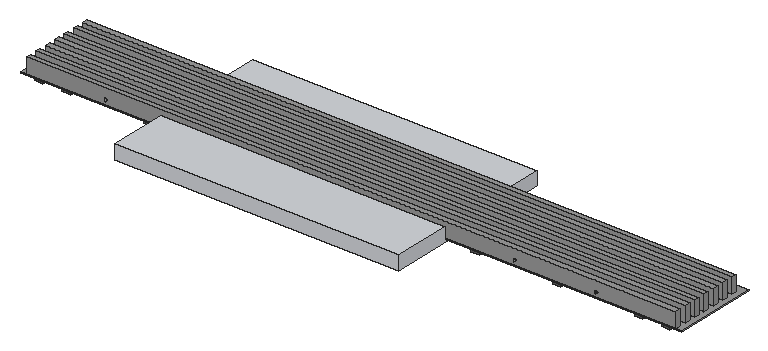
Revit family "1413-7, Solid", category Generic Models, host Face, Revit 2020
Family settings
  Host = Face
  Can host rebar = No
  Round Connector Dimension = Use Diameter
  Part Type = Normal
  Cut with Voids When Loaded = No
  Shared = No
  Room Calculation Point = No
Parameters
  min_value [instance] = 2' - 4"  # constant formula
  max_value [instance] = 11' - 11 1/4"  # constant formula
  actual_value [instance] = if(NET LENGTH < min_value, min_value, if(NET LENGTH > max_value, max_value, NET LENGTH))  # 7' - 11 1/4"
  SCRIM MATERIAL [instance] = SCRIM
  SCRIM APPEARANCE [instance] = yes
  NET LENGTH [instance] = 7' - 11 1/4"
  IMPORTANT NOTE!!!                                                                             *Backer & dowel layout is for visualization purposes only, final layout to be determined by 9Wood. [instance] = ""
  Default Elevation = 4' - 0"
  DOWEL RADIUS [instance] = 0' - 0 1/4"  # constant formula
  BACKER & DOWEL MATERIAL [instance] = BLACK-BACKERS
  .. MEMBER WIDTH [instance] = 0' - 0 3/4"  # constant formula
  .. MEMBER MATERIAL [instance] = Solid Western Hemlock
  .. MEMBER DEPTH [instance] = 0' - 2 1/4"  # constant formula
  .. MEMBER COUNT [instance] = 7  # constant formula
Reference planes (in)
  plane 1 "Center (Front/Back)": y = 0
  plane 2: z = 0
  plane 3 "Center (Left/Right)": x = 0
Forms (in)
  Extrusion 1, solid
    sketch origin (0, 0, 0) x (1, 0, 0) y (0, 1, 0)
      loop
        line (-24.24823, 14.63962) -> (-24.24823, -10.69266) -> (17.36192, -10.69266) -> (17.36192, 14.63962) -> (-24.24823, 14.63962)
    from 0 to 2.0625
Dimensions and locks (in)
  aligned and locked: plane 2 to Extrusion 1
Nested families (in)
  nested 1: "1400 series" at (-44.01308, -2.1224, 0.00189), NET LENGTH <- "actual_value", .. MEMBER DEPTH <- ".. MEMBER DEPTH", .. MEMBER WIDTH <- ".. MEMBER WIDTH", DOWEL RADIUS <- "DOWEL RADIUS", BACKER & DOWEL MATERIAL <- "BACKER & DOWEL MATERIAL", .. MEMBER MATERIAL <- ".. MEMBER MATERIAL", SCRIM MATERIAL <- "SCRIM MATERIAL", MEMBER COUNT <- ".. MEMBER COUNT", SCRIM APPEARANCE <- "SCRIM APPEARANCE", type "1400 series"
    with X 7' - 8", SCRIM MATERIAL SCRIM, SCRIM LENGTH 8' - 1", SCRIM APPEARANCE yes, SCRIM 2 0' - 0 7/8", SCRIM 1 0' - 0 3/32", OC TYP 1' - 0", NET LENGTH 7' - 11 1/4", N 8, MEMBER COUNT 7, INSET 2 0' - 0 3/16", INSET 0' - 1", HALF MEMBER WIDTH 0' - 0 3/8", END BACKER yes, DOWEL RADIUS 0' - 0 1/4", DOWEL INDEX 0' - 11 5/8", DOWEL COUNT 7, BACKING M COUNT 8, BACKER WIDTH 0' - 1 1/4", BACKER INDEX 0' - 5 5/8", BACKER DEPTH 0' - 0 1/2", BACKER & DOWEL MATERIAL BLACK-BACKERS, BACKER &  DOWEL LENGTH 0' - 11 7/8", .. MEMBER WIDTH 0' - 0 3/4", .. MEMBER OC TYP 0' - 1.71429", .. MEMBER MATERIAL Solid Western Hemlock, .. MEMBER DEPTH 0' - 2 1/4"
Definition of nested family "1400 series"
  Parameters (values of type "1400 series")
    X [instance] = NET LENGTH - 0' 3 1/4"  # 7' - 2"
    SCRIM MATERIAL [instance] = none
    SCRIM APPEARANCE [instance] = yes
    SCRIM 2 [instance] = 0' - 0 7/8"  # constant formula
    SCRIM 1 [instance] = 0' - 0 3/32"  # constant formula
    OC TYP [instance] = 1' - 0"  # constant formula
    N [instance] = if((X - (rounddown(X / 1' 0") * 1' 0")) > 1' 0", rounddown(X / 1' 0") + 2, rounddown(X / 1' 0") + 1)  # 8
    MEMBER COUNT [instance] = 2
    INSET 5 = 0' - 0 11/16"  # constant formula
    INSET 2 [instance] = 0' - 0 3/16"  # constant formula
    INSET [instance] = 0' - 1"  # constant formula
    END BACKER [instance] = BACKER INDEX > 0' 3 5/8"  # no
    HALF MEMBER WIDTH [instance] = .. MEMBER WIDTH / 2  # 0' - 1 1/8"
    Default Elevation = 0' - 0"
    DOWEL RADIUS [instance] = 0' - 0 1/4"
    DOWEL INDEX [instance] = BACKER INDEX + 0' 6"  # 0' - 8 5/8"
    DOWEL COUNT [instance] = N - 1  # 7
    BACKER WIDTH [instance] = 0' - 1 1/4"  # constant formula
    BACKER INDEX [instance] = (NET LENGTH - ((N - 1) * 1' 0")) / 2  # 0' - 2 5/8"
    BACKER DEPTH [instance] = 0' - 0 1/2"  # constant formula
    BACKING M COUNT [instance] = N  # 8
    BACKER & DOWEL MATERIAL [instance] = none
    BACKER &  DOWEL LENGTH [instance] = 0' - 11 7/8"  # constant formula
    SCRIM LENGTH [instance] = NET LENGTH + (SCRIM 2 * 2)  # 7' - 7"
    .. MEMBER WIDTH [instance] = 0' - 2 1/4"
    .. MEMBER OC TYP [instance] = 1' 0" / MEMBER COUNT  # 0' - 6"
    .. MEMBER MATERIAL [instance] = none
    NET LENGTH [instance] = 7' - 5 1/4"
    .. MEMBER DEPTH [instance] = 0' - 4"
  Reference planes (in)
    plane 1 "Center (Front/Back)": y = 0
    plane 2: z = 0
    plane 3 "Center (Left/Right)": x = 0
    plane 4: x = 89.25
    plane 5: x = 1
    plane 6: x = 88.25
    plane 7: x = 2.625
    plane 8: x = 8.625
    plane 9: x = 14.625
    plane 10: x = 20.625
    plane 11: y = 0.1875
    plane 12: y = 1.125
    plane 13: y = 7.125
    plane 14: y = 12.0625
    plane 15: x = 90.125
    plane 16: x = -0.875
    plane 17: y = 12.15625
    plane 18: y = -0.09375
    plane 19: z = 2.7097
    plane 20: z = 0.49811
    plane 21: z = 0.56061
    plane 22: z = 1.24811
  Lines and regions (in)
    model lines, not visible
      curve 1: line (8.625, 0, 0.99811) -> (8.625, 0, 1.49811)
      curve 2: line (8.625, 0, 1.49811) -> (8.375, 0, 1.24811)
      curve 3: line (8.375, 0, 1.24811) -> (8.875, 0, 1.24811)
      curve 4: line (20.625, 0, 0.99811) -> (20.625, 0, 1.49811)
      curve 5: line (20.625, 0, 1.49811) -> (20.375, 0, 1.24811)
      curve 6: line (20.375, 0, 1.24811) -> (20.875, 0, 1.24811)
      curve 7: line (32.625, 0, 0.99811) -> (32.625, 0, 1.49811)
      curve 8: line (32.625, 0, 1.49811) -> (32.375, 0, 1.24811)
      curve 9: line (32.375, 0, 1.24811) -> (32.875, 0, 1.24811)
      curve 10: line (44.625, 0, 0.99811) -> (44.625, 0, 1.49811)
      curve 11: line (44.625, 0, 1.49811) -> (44.375, 0, 1.24811)
      curve 12: line (44.375, 0, 1.24811) -> (44.875, 0, 1.24811)
      curve 13: line (56.625, 0, 0.99811) -> (56.625, 0, 1.49811)
      curve 14: line (56.625, 0, 1.49811) -> (56.375, 0, 1.24811)
      curve 15: line (56.375, 0, 1.24811) -> (56.875, 0, 1.24811)
      curve 16: line (68.625, 0, 0.99811) -> (68.625, 0, 1.49811)
      curve 17: line (68.625, 0, 1.49811) -> (68.375, 0, 1.24811)
      curve 18: line (68.375, 0, 1.24811) -> (68.875, 0, 1.24811)
      curve 19: line (80.625, 0, 0.99811) -> (80.625, 0, 1.49811)
      curve 20: line (80.625, 0, 1.49811) -> (80.375, 0, 1.24811)
      curve 21: line (80.375, 0, 1.24811) -> (80.875, 0, 1.24811)
  Dimensions and locks (in)
    "INSET": plane 3 "Center (Left/Right)" to plane 5
    "NET LENGTH": plane 3 "Center (Left/Right)" to plane 4
    "INSET": plane 6 to plane 4
    "BACKER INDEX": plane 3 "Center (Left/Right)" to plane 7
    "DOWEL INDEX": plane 3 "Center (Left/Right)" to plane 8
    "OC TYP": plane 7 to plane 9
    "OC TYP": plane 8 to plane 10
    "INSET 2": plane 1 "Center (Front/Back)" to plane 11
    equal spacing: group 1, group 2, group 5, group 6, group 7, group 13, group 14, group 16  (x3)
    equal spacing: group 3, group 4, group 8, group 9, group 10, group 15, group 17  (x3)
    group 11 to group 12 = 0' - 0"  (x2)
    group 11 to group 12 = 0' - 6"
    ".. MEMBER OC TYP": plane 13 to plane 12
    "HALF MEMBER WIDTH": plane 1 "Center (Front/Back)" to plane 12
    "SCRIM 2": plane 16 to plane 3 "Center (Left/Right)"
    "SCRIM 2": plane 4 to plane 15
    "SCRIM 1": plane 18 to plane 1 "Center (Front/Back)"
    "SCRIM 1": plane 17 to plane 14
    "INSET 5": plane 22 to plane 21
    aligned and locked: level to plane 2
    aligned and locked: plane 7 to nested 2
    aligned and locked: plane 5 to nested 1
    aligned and locked: plane 9 to nested 3
    aligned and locked: nested 1 to plane 5
    aligned and locked: nested 2 to plane 11
    aligned and locked: nested 1 to plane 11
    aligned and locked: nested 3 to plane 11
    aligned and locked: nested 4 to plane 11  (x2)
    aligned and locked: plane 10 to nested 5
    aligned and locked: plane 6 to nested 12
    aligned and locked: nested 5 to plane 11
    aligned and locked: plane 11 to nested 12
    aligned and locked: plane 12 to nested 13
    aligned and locked: nested 14 to plane 13
    aligned and locked: plane 14 to nested 8
    aligned and locked: plane 16 to nested 15
    aligned and locked: nested 15 to plane 18
    aligned and locked: nested 15 to plane 17
    aligned and locked: nested 15 to plane 16  (x2)
    aligned and locked: nested 1 to level
    aligned and locked: level to nested 3
    aligned and locked: plane 20 to nested 2
    aligned and locked: plane 20 to nested 1
    aligned and locked: plane 20 to nested 3
    aligned and locked: nested 12 to plane 20
    aligned and locked: nested 15 to plane 20
    aligned and locked: plane 21 to nested 15
    aligned and locked: nested 13 to plane 21
    aligned and locked: plane 22 to nested 4
    aligned and locked: plane 22 to nested 5
    aligned and locked: nested 13 to plane 8
    aligned and locked: plane 10 to nested 13
    aligned and locked: curve 1 to nested 13
    aligned and locked: nested 13 to curve 4
  Automatic sketch dimensions
    curve 3 to curve 1 = 0' - 0 1/4"  (x2)
    curve 1 to curve 3 = 0' - 0 1/4"
    curve 1 to curve 2 = 0' - 0 1/4"
    curve 6 to curve 4 = 0' - 0 1/4"  (x2)
    curve 4 to curve 6 = 0' - 0 1/4"
    curve 4 to curve 5 = 0' - 0 1/4"
    curve 9 to curve 7 = 0' - 0 1/4"  (x2)
    curve 7 to curve 9 = 0' - 0 1/4"
    curve 7 to curve 8 = 0' - 0 1/4"
    curve 12 to curve 10 = 0' - 0 1/4"  (x2)
    curve 10 to curve 12 = 0' - 0 1/4"
    curve 10 to curve 11 = 0' - 0 1/4"
    curve 15 to curve 13 = 0' - 0 1/4"  (x2)
    curve 13 to curve 15 = 0' - 0 1/4"
    curve 13 to curve 14 = 0' - 0 1/4"
    curve 18 to curve 16 = 0' - 0 1/4"  (x2)
    curve 16 to curve 18 = 0' - 0 1/4"
    curve 16 to curve 17 = 0' - 0 1/4"
    curve 21 to curve 19 = 0' - 0 1/4"  (x2)
    curve 19 to curve 21 = 0' - 0 1/4"
    curve 19 to curve 20 = 0' - 0 1/4"
  Nested families (in)
    nested 1: "INSTANCE - 3RD -  EXTEND BOTH SIDES - Parametric Cube.0001" at (1, 0.1875, 0.49811), Length <- "BACKER &  DOWEL LENGTH", Width <- "BACKER WIDTH", Height <- "BACKER DEPTH", Material <- "BACKER & DOWEL MATERIAL", visible <- "END BACKER", type "INSTANCE - 3RD -  EXTEND BOTH SIDES - Parametric Cube.0001"
      with Width 0' - 1 1/4", Material none, Length 0' - 11 7/8", Height 0' - 0 1/2"
    nested 2: "INSTANCE - 2ND -  EXTEND SIDE H CENTER W - Parametric Cube.0001" at (2.625, 0.1875, 0.49811), Width <- "BACKER WIDTH", Length <- "BACKER &  DOWEL LENGTH", Height <- "BACKER DEPTH", Material <- "BACKER & DOWEL MATERIAL", type "INSTANCE - 2ND -  EXTEND SIDE H CENTER W - Parametric Cube.0001"
      with Width 0' - 1 1/4", Material none, Length 0' - 11 7/8", Height 0' - 0 1/2"
    nested 3: "INSTANCE - 2ND -  EXTEND SIDE H CENTER W - Parametric Cube.0001" at (14.625, 0.1875, 0.49811), Width <- "BACKER WIDTH", Length <- "BACKER &  DOWEL LENGTH", Height <- "BACKER DEPTH", Material <- "BACKER & DOWEL MATERIAL", type "INSTANCE - 2ND -  EXTEND SIDE H CENTER W - Parametric Cube.0001"
      with Width 0' - 1 1/4", Material none, Length 0' - 11 7/8", Height 0' - 0 1/2"
    nested 4: "DOWEL" at (-1.375, 0.1875, 1.24811), DOWEL LENGTH <- "BACKER &  DOWEL LENGTH", DOWEL RADII <- "DOWEL RADIUS", BACKING MEM MATERIAL <- "BACKER & DOWEL MATERIAL", type "DOWEL"
      with DOWEL RADII 0' - 0 1/4", DOWEL LENGTH 0' - 11 7/8", BACKING MEM MATERIAL none
    nested 5: "DOWEL" at (10.625, 0.1875, 1.24811), DOWEL LENGTH <- "BACKER &  DOWEL LENGTH", DOWEL RADII <- "DOWEL RADIUS", BACKING MEM MATERIAL <- "BACKER & DOWEL MATERIAL", type "DOWEL"
      with DOWEL RADII 0' - 0 1/4", DOWEL LENGTH 0' - 11 7/8", BACKING MEM MATERIAL none
    nested 6: "INSTANCE - 2ND -  EXTEND SIDE H CENTER W - Parametric Cube.0001" at (26.625, 0.1875, 0.49811), Width <- "BACKER WIDTH", Length <- "BACKER &  DOWEL LENGTH", Height <- "BACKER DEPTH", Material <- "BACKER & DOWEL MATERIAL", type "INSTANCE - 2ND -  EXTEND SIDE H CENTER W - Parametric Cube.0001"
      with Width 0' - 1 1/4", Material none, Length 0' - 11 7/8", Height 0' - 0 1/2"
    nested 7: "INSTANCE - 2ND -  EXTEND SIDE H CENTER W - Parametric Cube.0001" at (38.625, 0.1875, 0.49811), Width <- "BACKER WIDTH", Length <- "BACKER &  DOWEL LENGTH", Height <- "BACKER DEPTH", Material <- "BACKER & DOWEL MATERIAL", type "INSTANCE - 2ND -  EXTEND SIDE H CENTER W - Parametric Cube.0001"
      with Width 0' - 1 1/4", Material none, Length 0' - 11 7/8", Height 0' - 0 1/2"
    nested 8: "INSTANCE - 2ND -  EXTEND SIDE H CENTER W - Parametric Cube.0001" at (50.625, 0.1875, 0.49811), Width <- "BACKER WIDTH", Length <- "BACKER &  DOWEL LENGTH", Height <- "BACKER DEPTH", Material <- "BACKER & DOWEL MATERIAL", type "INSTANCE - 2ND -  EXTEND SIDE H CENTER W - Parametric Cube.0001"
      with Width 0' - 1 1/4", Material none, Length 0' - 11 7/8", Height 0' - 0 1/2"
    nested 9: "DOWEL" at (22.625, 0.1875, 1.24811), DOWEL LENGTH <- "BACKER &  DOWEL LENGTH", DOWEL RADII <- "DOWEL RADIUS", BACKING MEM MATERIAL <- "BACKER & DOWEL MATERIAL", type "DOWEL"
      with DOWEL RADII 0' - 0 1/4", DOWEL LENGTH 0' - 11 7/8", BACKING MEM MATERIAL none
    nested 10: "DOWEL" at (34.625, 0.1875, 1.24811), DOWEL LENGTH <- "BACKER &  DOWEL LENGTH", DOWEL RADII <- "DOWEL RADIUS", BACKING MEM MATERIAL <- "BACKER & DOWEL MATERIAL", type "DOWEL"
      with DOWEL RADII 0' - 0 1/4", DOWEL LENGTH 0' - 11 7/8", BACKING MEM MATERIAL none
    nested 11: "DOWEL" at (46.625, 0.1875, 1.24811), DOWEL LENGTH <- "BACKER &  DOWEL LENGTH", DOWEL RADII <- "DOWEL RADIUS", BACKING MEM MATERIAL <- "BACKER & DOWEL MATERIAL", type "DOWEL"
      with DOWEL RADII 0' - 0 1/4", DOWEL LENGTH 0' - 11 7/8", BACKING MEM MATERIAL none
    nested 12: "INSTANCE - 3RD -  EXTEND BOTH SIDES - Parametric Cube.0001" at (88.25, 0.1875, 0.49811) x (-1, 0, 0) z (0, 0, 1), Width <- "BACKER WIDTH", Length <- "BACKER &  DOWEL LENGTH", Height <- "BACKER DEPTH", Material <- "BACKER & DOWEL MATERIAL", visible <- "END BACKER", type "INSTANCE - 3RD -  EXTEND BOTH SIDES - Parametric Cube.0001"
      with Width 0' - 1 1/4", Material none, Length 0' - 11 7/8", Height 0' - 0 1/2"
    nested 13: "HOLED MEMBER" at (0, -9.75, 8.12965), DOWEL INDEX <- "DOWEL INDEX", .. MEMBER LENGTH <- "NET LENGTH", .. MEMBER WIDTH <- ".. MEMBER WIDTH", DOWEL OC DIST <- "OC TYP", DOWEL RADII <- "DOWEL RADIUS", Material <- ".. MEMBER MATERIAL", DEPTH <- ".. MEMBER DEPTH", DOWEL COUNT <- "DOWEL COUNT", Space <- "INSET 5", type "HOLED MEMBER"
      with Space 0' - 0 11/16", Material none, Height 0' - 10.43096", HALF MEMBER WIDTH 0' - 1 1/8", DOWEL RADII 0' - 0 1/4", DOWEL OC DIST 1' - 0", DOWEL INDEX 0' - 8 5/8", DOWEL COUNT 7, DEPTH 0' - 4", .. MEMBER WIDTH 0' - 2 1/4", .. MEMBER LENGTH 7' - 5 1/4"
    nested 14: "HOLED MEMBER" at (0, -3.75, 8.12965), DOWEL INDEX <- "DOWEL INDEX", .. MEMBER LENGTH <- "NET LENGTH", .. MEMBER WIDTH <- ".. MEMBER WIDTH", DOWEL OC DIST <- "OC TYP", DOWEL RADII <- "DOWEL RADIUS", Material <- ".. MEMBER MATERIAL", DEPTH <- ".. MEMBER DEPTH", DOWEL COUNT <- "DOWEL COUNT", Space <- "INSET 5", type "HOLED MEMBER"
      with Space 0' - 0 11/16", Material none, Height 0' - 10.43096", HALF MEMBER WIDTH 0' - 1 1/8", DOWEL RADII 0' - 0 1/4", DOWEL OC DIST 1' - 0", DOWEL INDEX 0' - 8 5/8", DOWEL COUNT 7, DEPTH 0' - 4", .. MEMBER WIDTH 0' - 2 1/4", .. MEMBER LENGTH 7' - 5 1/4"
    nested 15: "INSTANCE - 3RD -  EXTEND BOTH SIDES - Parametric Cube.0001" at (-0.875, -0.09375, 0.56061), Width <- "SCRIM LENGTH", Material <- "SCRIM MATERIAL", visible <- "SCRIM APPEARANCE", type "INSTANCE - 3RD -  EXTEND BOTH SIDES - Parametric Cube.0001"
      with Width 7' - 7", Material none, Length 1' - 0 1/4", Height 0' - 0 1/16"
    nested 16: "INSTANCE - 2ND -  EXTEND SIDE H CENTER W - Parametric Cube.0001" at (62.625, 0.1875, 0.49811), Width <- "BACKER WIDTH", Length <- "BACKER &  DOWEL LENGTH", Height <- "BACKER DEPTH", Material <- "BACKER & DOWEL MATERIAL", type "INSTANCE - 2ND -  EXTEND SIDE H CENTER W - Parametric Cube.0001"
      with Width 0' - 1 1/4", Material none, Length 0' - 11 7/8", Height 0' - 0 1/2"
    nested 17: "INSTANCE - 2ND -  EXTEND SIDE H CENTER W - Parametric Cube.0001" at (74.625, 0.1875, 0.49811), Width <- "BACKER WIDTH", Length <- "BACKER &  DOWEL LENGTH", Height <- "BACKER DEPTH", Material <- "BACKER & DOWEL MATERIAL", type "INSTANCE - 2ND -  EXTEND SIDE H CENTER W - Parametric Cube.0001"
      with Width 0' - 1 1/4", Material none, Length 0' - 11 7/8", Height 0' - 0 1/2"
    nested 18: "DOWEL" at (58.625, 0.1875, 1.24811), DOWEL LENGTH <- "BACKER &  DOWEL LENGTH", DOWEL RADII <- "DOWEL RADIUS", BACKING MEM MATERIAL <- "BACKER & DOWEL MATERIAL", type "DOWEL"
      with DOWEL RADII 0' - 0 1/4", DOWEL LENGTH 0' - 11 7/8", BACKING MEM MATERIAL none
    nested 19: "INSTANCE - 2ND -  EXTEND SIDE H CENTER W - Parametric Cube.0001" at (86.625, 0.1875, 0.49811), Width <- "BACKER WIDTH", Length <- "BACKER &  DOWEL LENGTH", Height <- "BACKER DEPTH", Material <- "BACKER & DOWEL MATERIAL", type "INSTANCE - 2ND -  EXTEND SIDE H CENTER W - Parametric Cube.0001"
      with Width 0' - 1 1/4", Material none, Length 0' - 11 7/8", Height 0' - 0 1/2"
    nested 20: "DOWEL" at (70.625, 0.1875, 1.24811), DOWEL LENGTH <- "BACKER &  DOWEL LENGTH", DOWEL RADII <- "DOWEL RADIUS", BACKING MEM MATERIAL <- "BACKER & DOWEL MATERIAL", type "DOWEL"
      with DOWEL RADII 0' - 0 1/4", DOWEL LENGTH 0' - 11 7/8", BACKING MEM MATERIAL none
  Definition of nested family "INSTANCE - 3RD -  EXTEND BOTH SIDES - Parametric Cube.0001"
    Parameters (values of type "INSTANCE - 3RD -  EXTEND BOTH SIDES - Parametric Cube.0001")
      Width [instance] = 0' - 6"
      Material [instance] = none
      Length [instance] = 1' - 0"
      Height [instance] = 1' - 6"
      Default Elevation = 0' - 0"
    Reference planes (in)
      plane 1 "Center (Front/Back)": y = 0
      plane 2: z = 0
      plane 3 "Center (Left/Right)": x = 0
      plane 4: x = 6
      plane 5: y = 12
      plane 6: z = -18
    Forms (in)
      Extrusion 1, solid, material <- "Material"
        sketch origin (0, 6, 0) x (1, 0, 0) y (0, 1, 0)
          loop
            line (0, 6) -> (0, -6) -> (6, -6) -> (6, 6) -> (0, 6)
        from -18 to 0
    Dimensions and locks (in)
      "Height": plane 6 to level
      "Length": plane 1 "Center (Front/Back)" to plane 5
      "Width": plane 3 "Center (Left/Right)" to plane 4
      aligned and locked: plane 2 to level
      aligned and locked: Extrusion 1 sketch curve to plane 4
      aligned and locked: Extrusion 1 to plane 6
      aligned and locked: plane 5 to Extrusion 1
      aligned and locked: Extrusion 1 to plane 3 "Center (Left/Right)"
    Automatic sketch dimensions
      plane 1 "Center (Front/Back)" to Extrusion 1 sketch curve = 0' - 0"
      plane 5 to Extrusion 1 sketch curve = 0' - 0"
      Extrusion 1 sketch curve to plane 3 "Center (Left/Right)" = 0' - 0"
  Definition of nested family "INSTANCE - 2ND -  EXTEND SIDE H CENTER W - Parametric Cube.0001"
    Parameters (values of type "INSTANCE - 2ND -  EXTEND SIDE H CENTER W - Parametric Cube.0001")
      Width [instance] = 0' - 6"
      Material [instance] = none
      Length [instance] = 1' - 0"
      Height [instance] = 1' - 6"
      Default Elevation = 0' - 0"
    Reference planes (in)
      plane 1 "Center (Front/Back)": y = 0
      plane 2: z = 0
      plane 3 "Center (Left/Right)": x = 0
      plane 4: x = -3
      plane 5: x = 3
      plane 6: y = 12
      plane 7: z = -18
    Forms (in)
      Extrusion 1, solid, material <- "Material"
        sketch origin (0, 6, 0) x (1, 0, 0) y (0, 1, 0)
          loop
            line (-3, 6) -> (-3, -6) -> (3, -6) -> (3, 6) -> (-3, 6)
        from -18 to 0
    Dimensions and locks (in)
      equal spacing: plane 4, plane 3 "Center (Left/Right)", plane 5
      "Width": plane 4 to plane 5
      "Height": plane 7 to level
      "Length": plane 1 "Center (Front/Back)" to plane 6
      aligned and locked: plane 2 to level
      aligned and locked: plane 4 to Extrusion 1 sketch curve
      aligned and locked: Extrusion 1 sketch curve to plane 5
      aligned and locked: Extrusion 1 to plane 7
      aligned and locked: plane 6 to Extrusion 1
    Automatic sketch dimensions
      plane 1 "Center (Front/Back)" to Extrusion 1 sketch curve = 0' - 0"
      plane 6 to Extrusion 1 sketch curve = 0' - 0"
  Definition of nested family "DOWEL"
    Parameters (values of type "DOWEL")
      Default Elevation = 0' - 0"
      DOWEL RADII [instance] = 0' - 0 5/8"
      DOWEL LENGTH [instance] = 1' - 0"
      BACKING MEM MATERIAL [instance] = none
    Reference planes (in)
      plane 1 "Center (Front/Back)": y = 0
      plane 2: z = 0
      plane 3 "Center (Left/Right)": x = 0
      plane 4: y = 12
    Forms (in)
      Extrusion 1, solid, material <- "BACKING MEM MATERIAL"
        sketch origin (10, 0, 0) x (1, 0, 0) y (0, 0, 1)
          loop
            circle (0, 0) r 0.625
        from 0 to -12
      Extrusion 2, solid, not visible
        sketch origin (0, 0, 0) x (1, 0, 0) y (0, 0, 1)
          loop
            circle (0, 0) r 0.625
        from 0 to 12
      Extrusion 3, solid, not visible
        sketch origin (10, 0, 0) x (1, 0, 0) y (0, 0, 1)
          loop
            circle (0, 0) r 0.625
        from 0 to 2.5
      Extrusion 4, solid, not visible
        sketch origin (10, 0, 0) x (1, 0, 0) y (0, 0, 1)
          loop
            circle (0, 0) r 0.625
        from 0 to -12
    Lines and regions (in)
      model lines, not visible
        curve 1: line (-13, 0, 0) -> (-13, -12, 0)
        curve 2: line (13, 0, 0) -> (13, -12, 0)
        curve 3: line (9.89453, 0, 0) -> (10.08794, 0, 0)
        curve 4: line (9.89453, -2.5, 0) -> (10.08794, -2.5, 0)
        curve 6: line (10, 0, 0) -> (10, 2, 0)
      model lines
        curve 5: line (10, 0, 0) -> (10, 2, 0)
    Dimensions and locks (in)
      "DOWEL LENGTH": plane 1 "Center (Front/Back)" to plane 4
      "DOWEL RADII": radius of Extrusion 1 sketch curve
      "DOWEL RADII": radius of Extrusion 2 sketch curve
      "DOWEL RADII": radius of Extrusion 3 sketch curve
      "DOWEL RADII": radius of Extrusion 4 sketch curve
      "DOWEL RADII": radius of Extrusion 1
      aligned and locked: plane 2 to level
      aligned and locked: Extrusion 1 to plane 1 "Center (Front/Back)"  (x3)
      aligned and locked: plane 1 "Center (Front/Back)" to Extrusion 1
      aligned and locked: plane 4 to Extrusion 1
    Automatic sketch dimensions
      plane 1 "Center (Front/Back)" to curve 5 = 0' - 0"
      curve 5 to plane 1 "Center (Front/Back)" = 0' - 2"
      plane 3 "Center (Left/Right)" to curve 5 = 0' - 10"
      Extrusion 1 sketch curve to level = 0' - 0"
      plane 3 "Center (Left/Right)" to Extrusion 1 sketch curve = 0' - 10"
  Definition of nested family "HOLED MEMBER"
    Parameters (values of type "HOLED MEMBER")
      Space [instance] = 0' - 0 5/8"
      Material [instance] = none
      Height [instance] = 0' - 10.43096"
      HALF MEMBER WIDTH [instance] = .. MEMBER WIDTH / 2  # 0' - 0 5/16"
      Default Elevation = 0' - 0"
      DOWEL RADII [instance] = 0' - 0.34537"
      DOWEL OC DIST [instance] = 1' - 0"
      DOWEL INSET = 0' - 0 5/8"
      DOWEL INDEX [instance] = 0' - 5 5/8"
      DOWEL COUNT [instance] = 6
      DEPTH [instance] = 0' - 2"
      .. MEMBER WIDTH [instance] = 0' - 0 5/8"
      .. MEMBER LENGTH [instance] = 5' - 11 3/4"
    Reference planes (in)
      plane 1 "Center (Front/Back)": y = 12
      plane 2: z = -7.56904
      plane 3 "Center (Left/Right)": x = 0
      plane 4: x = 5.625
      plane 5: x = 17.625
      plane 6: y = 11.375
      plane 7: x = 71.75
      plane 8: y = 11.6875
      plane 9: z = -6.94404
      plane 10: z = -5.56904
    Forms (in)
      Extrusion 1, solid, material <- "Material"
        sketch origin (0, 12, -13.56904) x (1, 0, 0) y (0, 0, 1)
          loop
            line (0, 6) -> (71.75, 6) -> (71.75, 8) -> (0, 8) -> (0, 6)
        from 0.625 to 0
      Extrusion 2, void
        sketch origin (0, 12, -18.31904) x (1, 0, 0) y (0, 0, 1)
          loop
            circle (5.625, 11.375) r 0.34537
        from 0 to 12
      Extrusion 3, void, not visible
        sketch origin (0, 0, 0) x (1, 0, 0) y (0, 1, 0)
          loop
            circle (5.625, 11.375) r 0.34537
        from 0 to 12
      Extrusion 4, void, not visible
        sketch origin (0, 0, 0) x (1, 0, 0) y (0, 1, 0)
          loop
            circle (5.625, 11.375) r 0.34537
        from 0 to 12
      Extrusion 5, void, not visible
        sketch origin (12, 0, 0) x (1, 0, 0) y (0, 1, 0)
          loop
            circle (5.625, 11.375) r 0.34537
        from 0 to 12
      Extrusion 6, void, not visible
        sketch origin (0, 12, -17.56904) x (1, 0, 0) y (0, 0, 1)
          loop
            circle (5.625, 11.375) r 0.34537
        from 0 to 12
      Extrusion 7, void, not visible
        sketch origin (12, 12, -17.56904) x (1, 0, 0) y (0, 0, 1)
          loop
            circle (5.625, 11.375) r 0.34537
        from 0 to 12
      Extrusion 8, void, not visible
        sketch origin (0, 12, -19.56904) x (1, 0, 0) y (0, 0, 1)
          loop
            circle (5.625, 11.375) r 0.34537
        from 0 to 12
      Extrusion 9, void
        sketch origin (12, 12, -18.31904) x (1, 0, 0) y (0, 0, 1)
          loop
            circle (5.625, 11.375) r 0.34537
        from 0 to 12
      Extrusion 10, void
        sketch origin (24, 12, -18.31904) x (1, 0, 0) y (0, 0, 1)
          loop
            circle (5.625, 11.375) r 0.34537
        from 0 to 12
      Extrusion 11, void
        sketch origin (36, 12, -18.31904) x (1, 0, 0) y (0, 0, 1)
          loop
            circle (5.625, 11.375) r 0.34537
        from 0 to 12
      Extrusion 12, void
        sketch origin (48, 12, -18.31904) x (1, 0, 0) y (0, 0, 1)
          loop
            circle (5.625, 11.375) r 0.34537
        from 0 to 12
      Extrusion 13, void
        sketch origin (60, 12, -18.31904) x (1, 0, 0) y (0, 0, 1)
          loop
            circle (5.625, 11.375) r 0.34537
        from 0 to 12
      Extrusion 14, void, not visible
        sketch origin (24, 12, -17.56904) x (1, 0, 0) y (0, 0, 1)
          loop
            circle (5.625, 11.375) r 0.34537
        from 0 to 12
      Extrusion 15, void, not visible
        sketch origin (36, 12, -17.56904) x (1, 0, 0) y (0, 0, 1)
          loop
            circle (5.625, 11.375) r 0.34537
        from 0 to 12
      Extrusion 16, void, not visible
        sketch origin (48, 12, -17.56904) x (1, 0, 0) y (0, 0, 1)
          loop
            circle (5.625, 11.375) r 0.34537
        from 0 to 12
      Extrusion 17, void, not visible
        sketch origin (60, 12, -17.56904) x (1, 0, 0) y (0, 0, 1)
          loop
            circle (5.625, 11.375) r 0.34537
        from 0 to 12
      Extrusion 18, void, not visible
        sketch origin (24, 0, 0) x (1, 0, 0) y (0, 1, 0)
          loop
            circle (5.625, 11.375) r 0.34537
        from 0 to 12
      Extrusion 19, void, not visible
        sketch origin (36, 0, 0) x (1, 0, 0) y (0, 1, 0)
          loop
            circle (5.625, 11.375) r 0.34537
        from 0 to 12
      Extrusion 20, void, not visible
        sketch origin (48, 0, 0) x (1, 0, 0) y (0, 1, 0)
          loop
            circle (5.625, 11.375) r 0.34537
        from 0 to 12
      Extrusion 21, void, not visible
        sketch origin (60, 0, 0) x (1, 0, 0) y (0, 1, 0)
          loop
            circle (5.625, 11.375) r 0.34537
        from 0 to 12
    Cuts and joins
      Extrusion 2, Extrusion 9, Extrusion 10, Extrusion 11, Extrusion 12, Extrusion 13 cuts Extrusion 1
    Lines and regions (in)
      model lines, not visible
        curve 1: line (5.625, 11.72037, 0) -> (5.625, 11.02963, 0)
        curve 2: line (5.625, 11.72037, 0) -> (5.625, 11.02963, 0)
        curve 3: line (17.625, 11.72037, 0) -> (17.625, 11.02963, 0)
        curve 4: line (5.625, 12, -7.56904) -> (5.625, 11.87317, -7.56904)
        curve 5: line (5.625, 11.87317, -7.56904) -> (5.06195, 11.87317, -7.56904)
        curve 6: line (5.06195, 11.87317, -7.56904) -> (5.27963, 11.375, -7.56904)
        curve 7: line (0, 12, -6.19404) -> (0, 11.61951, -6.19404)
        curve 9: line (0, 11.375, -8.19404) -> (0, 11.6747, -8.19404)
        curve 10: line (5.625, 12, -7.56904) -> (5.625, 11.69863, -7.56904)
        curve 11: line (5.625, 12, -7.56904) -> (5.625, 11.69863, -7.56904)
        curve 12: line (5.625, 10.75, 0) -> (5.625, 10.75, 0.30137)
        curve 13: line (5.625, 10.75, 0) -> (5.625, 10.75, 0.30137)
        curve 14: line (17.625, 10.75, 0) -> (17.625, 10.75, 0.30137)
        curve 15: line (5.625, 12, -6.81904) -> (5.625, 11.69863, -6.81904)
        curve 16: line (17.625, 12, -6.81904) -> (17.625, 11.69863, -6.81904)
        curve 17: line (5.625, 12, -8.81904) -> (5.625, 11.69863, -8.81904)
        curve 18: line (17.625, 12, -7.56904) -> (17.625, 11.69863, -7.56904)
        curve 19: line (29.625, 12, -7.56904) -> (29.625, 11.69863, -7.56904)
        curve 20: line (41.625, 12, -7.56904) -> (41.625, 11.69863, -7.56904)
        curve 21: line (53.625, 12, -7.56904) -> (53.625, 11.69863, -7.56904)
        curve 22: line (65.625, 12, -7.56904) -> (65.625, 11.69863, -7.56904)
        curve 23: line (29.625, 12, -6.81904) -> (29.625, 11.69863, -6.81904)
        curve 24: line (41.625, 12, -6.81904) -> (41.625, 11.69863, -6.81904)
        curve 25: line (53.625, 12, -6.81904) -> (53.625, 11.69863, -6.81904)
        curve 26: line (65.625, 12, -6.81904) -> (65.625, 11.69863, -6.81904)
        curve 27: line (29.625, 11.72037, 0) -> (29.625, 11.02963, 0)
        curve 28: line (29.625, 10.75, 0) -> (29.625, 10.75, 0.30137)
        curve 29: line (41.625, 11.72037, 0) -> (41.625, 11.02963, 0)
        curve 30: line (41.625, 10.75, 0) -> (41.625, 10.75, 0.30137)
        curve 31: line (53.625, 11.72037, 0) -> (53.625, 11.02963, 0)
        curve 32: line (53.625, 10.75, 0) -> (53.625, 10.75, 0.30137)
        curve 33: line (65.625, 11.72037, 0) -> (65.625, 11.02963, 0)
        curve 34: line (65.625, 10.75, 0) -> (65.625, 10.75, 0.30137)
        curve 35: line (5.27963, 12, -6.94404) -> (5.97037, 12, -6.94404)
        curve 36: line (5.97037, 12, -6.94404) -> (5.625, 12, -6.59867)
        curve 37: line (5.625, 12, -6.59867) -> (5.625, 12, -7.28941)
        curve 38: line (5.27963, 11.375, 0) -> (5.97037, 11.375, 0)
        curve 39: line (5.97037, 11.375, 0) -> (5.625, 11.72037, 0)
        curve 40: line (5.625, 11.72037, 0) -> (5.625, 11.02963, 0)
        curve 41: line (5.27963, 11.375, 0) -> (5.97037, 11.375, 0)
        curve 42: line (5.97037, 11.375, 0) -> (5.625, 11.72037, 0)
        curve 43: line (5.625, 11.72037, 0) -> (5.625, 11.02963, 0)
        curve 44: line (17.27963, 11.375, 0) -> (17.97037, 11.375, 0)
        curve 45: line (17.97037, 11.375, 0) -> (17.625, 11.72037, 0)
        curve 46: line (17.625, 11.72037, 0) -> (17.625, 11.02963, 0)
        curve 47: line (5.27963, 12, -6.19404) -> (5.97037, 12, -6.19404)
        curve 48: line (5.97037, 12, -6.19404) -> (5.625, 12, -5.84867)
        curve 49: line (5.625, 12, -5.84867) -> (5.625, 12, -6.53941)
        curve 50: line (17.27963, 12, -6.19404) -> (17.97037, 12, -6.19404)
        curve 51: line (17.97037, 12, -6.19404) -> (17.625, 12, -5.84867)
        curve 52: line (17.625, 12, -5.84867) -> (17.625, 12, -6.53941)
        curve 53: line (5.27963, 12, -8.19404) -> (5.97037, 12, -8.19404)
        curve 54: line (5.97037, 12, -8.19404) -> (5.625, 12, -7.84867)
        curve 55: line (5.625, 12, -7.84867) -> (5.625, 12, -8.53941)
        curve 56: line (17.27963, 12, -6.94404) -> (17.97037, 12, -6.94404)
        curve 57: line (17.97037, 12, -6.94404) -> (17.625, 12, -6.59867)
        curve 58: line (17.625, 12, -6.59867) -> (17.625, 12, -7.28941)
        curve 59: line (29.27963, 12, -6.94404) -> (29.97037, 12, -6.94404)
        curve 60: line (29.97037, 12, -6.94404) -> (29.625, 12, -6.59867)
        curve 61: line (29.625, 12, -6.59867) -> (29.625, 12, -7.28941)
        curve 62: line (41.27963, 12, -6.94404) -> (41.97037, 12, -6.94404)
        curve 63: line (41.97037, 12, -6.94404) -> (41.625, 12, -6.59867)
        curve 64: line (41.625, 12, -6.59867) -> (41.625, 12, -7.28941)
        curve 65: line (53.27963, 12, -6.94404) -> (53.97037, 12, -6.94404)
        curve 66: line (53.97037, 12, -6.94404) -> (53.625, 12, -6.59867)
        curve 67: line (53.625, 12, -6.59867) -> (53.625, 12, -7.28941)
        curve 68: line (65.27963, 12, -6.94404) -> (65.97037, 12, -6.94404)
        curve 69: line (65.97037, 12, -6.94404) -> (65.625, 12, -6.59867)
        curve 70: line (65.625, 12, -6.59867) -> (65.625, 12, -7.28941)
        curve 71: line (29.27963, 12, -6.19404) -> (29.97037, 12, -6.19404)
        curve 72: line (29.97037, 12, -6.19404) -> (29.625, 12, -5.84867)
        curve 73: line (29.625, 12, -5.84867) -> (29.625, 12, -6.53941)
        curve 74: line (41.27963, 12, -6.19404) -> (41.97037, 12, -6.19404)
        curve 75: line (41.97037, 12, -6.19404) -> (41.625, 12, -5.84867)
        curve 76: line (41.625, 12, -5.84867) -> (41.625, 12, -6.53941)
        curve 77: line (53.27963, 12, -6.19404) -> (53.97037, 12, -6.19404)
        curve 78: line (53.97037, 12, -6.19404) -> (53.625, 12, -5.84867)
        curve 79: line (53.625, 12, -5.84867) -> (53.625, 12, -6.53941)
        curve 80: line (65.27963, 12, -6.19404) -> (65.97037, 12, -6.19404)
        curve 81: line (65.97037, 12, -6.19404) -> (65.625, 12, -5.84867)
        curve 82: line (65.625, 12, -5.84867) -> (65.625, 12, -6.53941)
        curve 83: line (29.27963, 11.375, 0) -> (29.97037, 11.375, 0)
        curve 84: line (29.97037, 11.375, 0) -> (29.625, 11.72037, 0)
        curve 85: line (29.625, 11.72037, 0) -> (29.625, 11.02963, 0)
        curve 86: line (41.27963, 11.375, 0) -> (41.97037, 11.375, 0)
        curve 87: line (41.97037, 11.375, 0) -> (41.625, 11.72037, 0)
        curve 88: line (41.625, 11.72037, 0) -> (41.625, 11.02963, 0)
        curve 89: line (53.27963, 11.375, 0) -> (53.97037, 11.375, 0)
        curve 90: line (53.97037, 11.375, 0) -> (53.625, 11.72037, 0)
        curve 91: line (53.625, 11.72037, 0) -> (53.625, 11.02963, 0)
        curve 92: line (65.27963, 11.375, 0) -> (65.97037, 11.375, 0)
        curve 93: line (65.97037, 11.375, 0) -> (65.625, 11.72037, 0)
        curve 94: line (65.625, 11.72037, 0) -> (65.625, 11.02963, 0)
      model lines
        curve 8: line (5.625, 12, -7.56904) -> (5.625, 11.69863, -7.56904)
    Dimensions and locks (in)
      "DOWEL INDEX": plane 3 "Center (Left/Right)" to plane 4
      "DOWEL OC DIST": plane 4 to plane 5
      ".. MEMBER LENGTH": plane 3 "Center (Left/Right)" to plane 7
      equal spacing: group 3, group 4, group 21, group 22, group 23, group 24  (x3)
      equal spacing: group 7, group 8, group 17, group 18, group 19, group 20  (x3)
      ".. MEMBER WIDTH": plane 6 to plane 1 "Center (Front/Back)"
      "HALF MEMBER WIDTH": plane 8 to plane 1 "Center (Front/Back)"
      equal spacing: group 1, group 12, group 13, group 14, group 15, group 16  (x2)
      equal spacing: group 16, group 15, group 14, group 13, group 12, group 1
      "DEPTH": plane 10 to level
      "Space": plane 9 to level
      "DOWEL RADII": radius of Extrusion 2 sketch curve
      "DOWEL RADII": radius of Extrusion 3 sketch curve
      "DOWEL RADII": radius of Extrusion 4 sketch curve
      "DOWEL RADII": radius of Extrusion 5 sketch curve
      "DOWEL RADII": radius of Extrusion 6 sketch curve
      "DOWEL RADII": radius of Extrusion 7 sketch curve
      "DOWEL RADII": radius of Extrusion 8 sketch curve
      "DOWEL RADII": radius of Extrusion 9 sketch curve
      "DOWEL RADII": radius of Extrusion 10 sketch curve
      "DOWEL RADII": radius of Extrusion 11 sketch curve
      "DOWEL RADII": radius of Extrusion 12 sketch curve
      "DOWEL RADII": radius of Extrusion 13 sketch curve
      "DOWEL RADII": radius of Extrusion 14 sketch curve
      "DOWEL RADII": radius of Extrusion 15 sketch curve
      "DOWEL RADII": radius of Extrusion 16 sketch curve
      "DOWEL RADII": radius of Extrusion 17 sketch curve
      "DOWEL RADII": radius of Extrusion 18 sketch curve
      "DOWEL RADII": radius of Extrusion 19 sketch curve
      "DOWEL RADII": radius of Extrusion 20 sketch curve
      "DOWEL RADII": radius of Extrusion 21 sketch curve
      aligned and locked: level to plane 2
      aligned and locked: Extrusion 1 to plane 3 "Center (Left/Right)"  (x2)
      aligned and locked: plane 7 to cut or joined group of Extrusion 1, Extrusion 2, Extrusion 9, Extrusion 10, Extrusion 11, Extrusion 12, Extrusion 13  (x2)
      aligned and locked: cut or joined group of Extrusion 1, Extrusion 2, Extrusion 9, Extrusion 10, Extrusion 11, Extrusion 12, Extrusion 13 to plane 1 "Center (Front/Back)"  (x2)
      aligned and locked: cut or joined group of Extrusion 1, Extrusion 2, Extrusion 9, Extrusion 10, Extrusion 11, Extrusion 12, Extrusion 13 to plane 6  (x2)
      aligned and locked: plane 4 to curve 11
      aligned and locked: curve 18 to plane 5
      aligned and locked: plane 4 to group 1
      aligned and locked: group 12 to plane 5
      aligned and locked: curve 35 to plane 9
      aligned and locked: plane 4 to curve 37
      aligned and locked: curve 56 to plane 9
      aligned and locked: curve 58 to plane 5
      aligned and locked: plane 10 to cut or joined group of Extrusion 1, Extrusion 2, Extrusion 9, Extrusion 10, Extrusion 11, Extrusion 12, Extrusion 13  (x2)
      aligned and locked: cut or joined group of Extrusion 1, Extrusion 2, Extrusion 9, Extrusion 10, Extrusion 11, Extrusion 12, Extrusion 13 to level
      aligned and locked: level to cut or joined group of Extrusion 1, Extrusion 2, Extrusion 9, Extrusion 10, Extrusion 11, Extrusion 12, Extrusion 13
    Automatic sketch dimensions
      curve 1 to curve 1 = 0' - 0.69074"
      curve 2 to curve 2 = 0' - 0.69074"
      curve 3 to curve 3 = 0' - 0.69074"
      Extrusion 1 sketch curve to plane 3 "Center (Left/Right)" = 0' - 0"
      Extrusion 1 sketch curve to plane 7 = 0' - 0"
      Extrusion 1 sketch curve to Extrusion 1 sketch curve = 0' - 2"
      Extrusion 1 sketch curve to level = 0' - 0"
      curve 8 to curve 8 = 0' - 0.30137"
      curve 10 to curve 10 = 0' - 0.30137"
      curve 8 to plane 4 = 0' - 0"
      plane 1 "Center (Front/Back)" to curve 8 = 0' - 0"
      plane 1 "Center (Front/Back)" to curve 8 = 0' - 0.30137"
      curve 11 to curve 11 = 0' - 0.30137"
      curve 12 to curve 12 = 0' - 0.30137"
      curve 13 to curve 13 = 0' - 0.30137"
      curve 14 to curve 14 = 0' - 0.30137"
      curve 15 to curve 15 = 0' - 0.30137"
      curve 16 to curve 16 = 0' - 0.30137"
      curve 17 to curve 17 = 0' - 0.30137"
      curve 18 to curve 18 = 0' - 0.30137"
      curve 19 to curve 19 = 0' - 0.30137"
      curve 20 to curve 20 = 0' - 0.30137"
      curve 21 to curve 21 = 0' - 0.30137"
      curve 22 to curve 22 = 0' - 0.30137"
      curve 23 to curve 23 = 0' - 0.30137"
      curve 24 to curve 24 = 0' - 0.30137"
      curve 25 to curve 25 = 0' - 0.30137"
      curve 26 to curve 26 = 0' - 0.30137"
      curve 27 to curve 27 = 0' - 0.69074"
      curve 28 to curve 28 = 0' - 0.30137"
      curve 29 to curve 29 = 0' - 0.69074"
      curve 30 to curve 30 = 0' - 0.30137"
      curve 31 to curve 31 = 0' - 0.69074"
      curve 32 to curve 32 = 0' - 0.30137"
      curve 33 to curve 33 = 0' - 0.69074"
      curve 34 to curve 34 = 0' - 0.30137"
      curve 37 to curve 35 = 0' - 0.34537"  (x2)
      curve 35 to curve 36 = 0' - 0.34537"
      curve 35 to curve 37 = 0' - 0.34537"
      curve 40 to curve 38 = 0' - 0.34537"  (x2)
      curve 38 to curve 39 = 0' - 0.34537"
      curve 38 to curve 40 = 0' - 0.34537"
      curve 43 to curve 41 = 0' - 0.34537"  (x2)
      curve 41 to curve 42 = 0' - 0.34537"
      curve 41 to curve 43 = 0' - 0.34537"
      curve 46 to curve 44 = 0' - 0.34537"  (x2)
      curve 44 to curve 45 = 0' - 0.34537"
      curve 44 to curve 46 = 0' - 0.34537"
      curve 49 to curve 47 = 0' - 0.34537"  (x2)
      curve 47 to curve 48 = 0' - 0.34537"
      curve 47 to curve 49 = 0' - 0.34537"
      curve 52 to curve 50 = 0' - 0.34537"  (x2)
      curve 50 to curve 51 = 0' - 0.34537"
      curve 50 to curve 52 = 0' - 0.34537"
      curve 55 to curve 53 = 0' - 0.34537"  (x2)
      curve 53 to curve 54 = 0' - 0.34537"
      curve 53 to curve 55 = 0' - 0.34537"
      curve 58 to curve 56 = 0' - 0.34537"  (x2)
      curve 56 to curve 57 = 0' - 0.34537"
      curve 56 to curve 58 = 0' - 0.34537"
      curve 61 to curve 59 = 0' - 0.34537"  (x2)
      curve 59 to curve 60 = 0' - 0.34537"
      curve 59 to curve 61 = 0' - 0.34537"
      curve 64 to curve 62 = 0' - 0.34537"  (x2)
      curve 62 to curve 63 = 0' - 0.34537"
      curve 62 to curve 64 = 0' - 0.34537"
      curve 67 to curve 65 = 0' - 0.34537"  (x2)
      curve 65 to curve 66 = 0' - 0.34537"
      curve 65 to curve 67 = 0' - 0.34537"
      curve 70 to curve 68 = 0' - 0.34537"  (x2)
      curve 68 to curve 69 = 0' - 0.34537"
      curve 68 to curve 70 = 0' - 0.34537"
      curve 73 to curve 71 = 0' - 0.34537"  (x2)
      curve 71 to curve 72 = 0' - 0.34537"
      curve 71 to curve 73 = 0' - 0.34537"
      curve 76 to curve 74 = 0' - 0.34537"  (x2)
      curve 74 to curve 75 = 0' - 0.34537"
      curve 74 to curve 76 = 0' - 0.34537"
      curve 79 to curve 77 = 0' - 0.34537"  (x2)
      curve 77 to curve 78 = 0' - 0.34537"
      curve 77 to curve 79 = 0' - 0.34537"
      curve 82 to curve 80 = 0' - 0.34537"  (x2)
      curve 80 to curve 81 = 0' - 0.34537"
      curve 80 to curve 82 = 0' - 0.34537"
      curve 85 to curve 83 = 0' - 0.34537"  (x2)
      curve 83 to curve 84 = 0' - 0.34537"
      curve 83 to curve 85 = 0' - 0.34537"
      curve 88 to curve 86 = 0' - 0.34537"  (x2)
      curve 86 to curve 87 = 0' - 0.34537"
      curve 86 to curve 88 = 0' - 0.34537"
      curve 91 to curve 89 = 0' - 0.34537"  (x2)
      curve 89 to curve 90 = 0' - 0.34537"
      curve 89 to curve 91 = 0' - 0.34537"
      curve 94 to curve 92 = 0' - 0.34537"  (x2)
      curve 92 to curve 93 = 0' - 0.34537"
      curve 92 to curve 94 = 0' - 0.34537"
